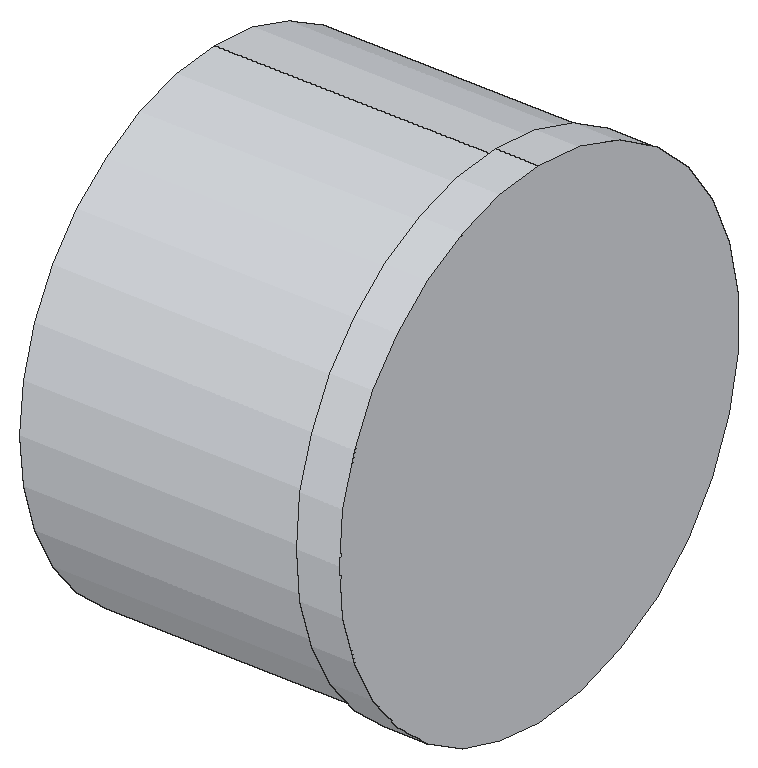
Revit family "Dreno estendido - Redondo - Único", category Acessórios do tubo, Revit 2019
Family settings
  Cota do conector redondo = Usar raio
  Tipo de parte = Normal
  Com base no plano de trabalho = Não
  Sempre na vertical = Sim
  Corte com vazios quando carregada = Não
  Compartilhado = Não
Parameters (values of type "300 mm")
  Raio do filtro = 153.9 mm
  Comprimento do filtro = 173.6 mm
  Diâmetro do filtro = Raio do filtro * 2  # 307.8 mm
  Comprimento do dreno = 26.5 mm
  Filtro = none
  Dreno = none
  Description = ""
  Raio da drenagem = 150 mm
  Diâmetro da drenagem = Raio da drenagem * 2  # 300 mm
Reference planes
  plane 1 "Centro (Frente/Trás)": y = 0
  plane 2: z = 0
  plane 3 "Centro (Esquerda/Direita)": x = 0
  plane 4: x = 200.1
  plane 5: x = 173.6
Forms (mm)
  Sweep 1, solid, material <- "Dreno"
    path origin (0, 0, 0) x (0, 0, 1) y (-1, 0, 0)
      loop
        line (0, -173.6) -> (0, 0)
    profile origin (86.8, 0, 0) x (0, 0, -1) y (0, -1, 0)
      loop
        circle (0, 0) r 150
  Sweep 2, solid, material <- "Filtro"
    path origin (0, 0, 0) x (0, 0, 1) y (-1, 0, 0)
      loop
        line (0, -173.6) -> (0, -200.1)
    profile origin (186.85, 0, 0) x (0, 0, 1) y (0, -1, 0)
      loop
        circle (0, 0) r 153.9
Dimensions and locks
  "Comprimento do dreno": plane 5 to plane 4
  "Comprimento do filtro": plane 3 "Centro (Esquerda/Direita)" to plane 5
  "Raio da drenagem": radius of Sweep 1 sketch curve
  "Raio do filtro": radius of Sweep 2 sketch curve
  aligned and locked: level to plane 2
  aligned and locked: level to Sweep 1 sketch curve
  aligned and locked: plane 3 "Centro (Esquerda/Direita)" to Sweep 1 sketch curve
  aligned and locked: plane 5 to Sweep 1 sketch curve
  aligned and locked: plane 5 to Sweep 2 sketch curve
  aligned and locked: plane 4 to Sweep 2 sketch curve
Automatic sketch dimensions
  Sweep 1 sketch curve to plane 1 "Centro (Frente/Trás)" = 0.00 mm
  Sweep 1 sketch curve to profile plane = 0.00 mm
  Sweep 2 sketch curve to plane 1 "Centro (Frente/Trás)" = 0.00 mm
  profile plane to Sweep 2 sketch curve = 0.00 mm
  Sweep 2 sketch curve to level = 0.00 mm
Connectors
  piping at (0, 0, 0), diameter 300, driven by "Raio da drenagem"
    settings: on Sweep 1, index 1, connector inside diameter 300 mm, connector length 0.00 mm, flow factor 0, pipe flow 0.0 L/s, pressure drop 0.0 Pa, fitting loss kfactor 0, connector angle 0.00°, fixture units 0, engagement length 0.00 mm, angle of deflection 0.00°, flow configuration 0, flow direction 2, fitting loss method 0, system type 16, joint type 0, gender type 0, connector reference index -1, connector utility 0, adjustable connector no, is connector primary yes, connector description ""
